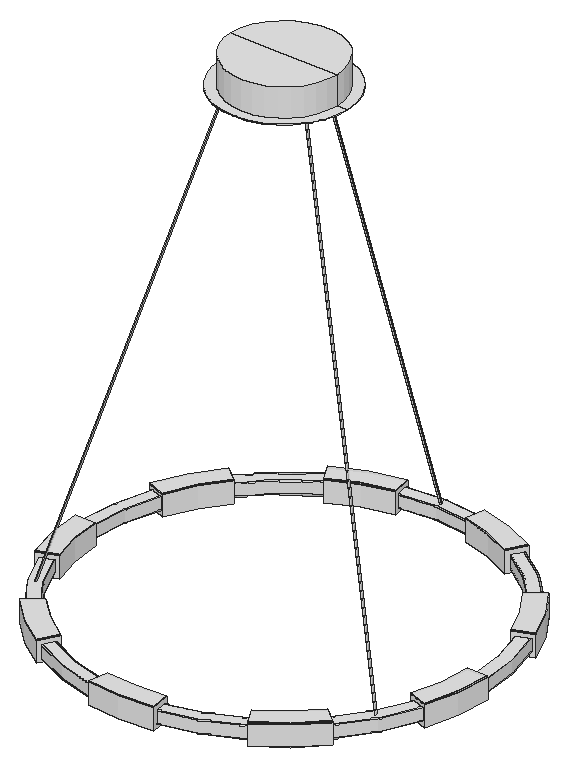
Revit family "3-23-xx Dieter Pendant", category Lighting Fixtures, host Ceiling, Revit 2018
Family settings
  Host = Ceiling
  Round Connector Dimension = Use Diameter
  Part Type = Normal
  OmniClass Number = 23.80.70.11
  OmniClass Title = Luminaries for Internal Lighting
  Always vertical = Yes
  Cut with Voids When Loaded = No
  Light Source = Yes
  Shared = No
  Room Calculation Point = No
Parameters (values of type "3-23-06 / White - Matte White Acrylic")
  Wattage Comments = "9 x 8.5 W at 120 V"  # constant formula
  Wattage = 9.2903 W
  built-in parameter 1150110 = 1 (stored number, unit not read)
  Voltage Input = "120 V or 277 V - 50/60 Hz"  # constant formula
  Voltage = 120 V
  URL = "www.oxygenlighting.com"
  built-in parameter 1114217 = 1 (stored number, unit not read)
  built-in parameter 1150109 = 1 (stored number, unit not read)
  built-in parameter 1150134 = (empty or 0)
  built-in parameter 1150113 = 1 (stored number, unit not read)
  References = "Ref. 3 = 120 V / Ref. 37 = 277 V"  # constant formula
  Pendant height = 39.36581"
  Model = "3-23-xx / Dieter Pendant"  # constant formula
  Metal Finish = 6 - White
  Manufacturer = "Oxygen Lighting and Fans"  # constant formula
  Lumens = 1380 lm
  built-in parameter 1150115 = 1 (stored number, unit not read)
  built-in parameter 1150105 = 109.82 (stored number, unit not read)
  Light Source Symbol Size = 24.00"
  built-in parameter 1150137 = (empty or 0)
  built-in parameter 1150139 = (empty or 0)
  built-in parameter 1150112 = 1 (stored number, unit not read)
  built-in parameter 1150114 = 1 (stored number, unit not read)
  Lamp = "LED Array"  # constant formula
  built-in parameter 1150132 = 2
  built-in parameter 1150102 = (empty or 0)
  built-in parameter 1150138 = (empty or 0)
  built-in parameter 1150107 = 3000 (stored number, unit not read)
  built-in parameter 1150106 = 1.0982 (stored number, unit not read)
  built-in parameter 1150104 = 13.8 (stored number, unit not read)
  Dimming Lamp Color Temperature Shift = <None>
  Diffusers = Matte White Acrylic
  Color Filter = 16777215
  built-in parameter 1114218 = 1 (stored number, unit not read)
  built-in parameter 1150133 = 10 (stored number, unit not read)
Types (2): name | Pendant height | Metal Finish
  3-23-06 / White - Matte White Acrylic | 39.36581" | 6 - White
  3-23-15 / Black - Matte White Acrylic | 39.37008" | 15 - Black
Reference planes (in)
  plane 1 "Light Source Axis (F/B)": y = 0
  plane 2: z = 0
  plane 3 "Light Source Axis (L/R)": x = 0
  plane 4 "Ceiling": z = 157.48031
  plane 5 "Light Source Elevation": z = 118.1145
  plane 6: z = 119.47277
  plane 7: z = 154.92126
Forms (in)
  Blend 1, solid, material "6 - White" <- "Metal Finish"
    base sketch origin (0, 0, 120.73728) x (0.866025, -0.5, 0) y (0.5, 0.866025, 0)
      loop
        circle (-7.62364, 13.20453) r 0.05949
    top sketch origin (0, 0, 120.73728) x (0.866025, -0.5, 0) y (0.5, 0.866025, 0)
      loop
        circle (-1.77165, 3.06859) r 0.05906
    from -1.26451 to 34.18398
  Blend 2, solid, material "6 - White" <- "Metal Finish"
    base sketch origin (0, 0, 120.73728) x (-0.866025, -0.5, 0) y (0.5, -0.866025, 0)
      loop
        circle (-7.62364, 13.20453) r 0.05949
    top sketch origin (0, 0, 120.73728) x (-0.866025, -0.5, 0) y (0.5, -0.866025, 0)
      loop
        circle (-1.77165, 3.06859) r 0.05906
    from -1.26451 to 34.18398
  Blend 3, solid, material "6 - White" <- "Metal Finish"
    base sketch origin (0, 0, 120.73728) x (0, 1, 0) y (-1, 0, 0)
      loop
        circle (-7.62364, 13.20453) r 0.05949
    top sketch origin (0, 0, 120.73728) x (0, 1, 0) y (-1, 0, 0)
      loop
        circle (-1.77165, 3.06859) r 0.05906
    from -1.26451 to 34.18398
Dimensions and locks (in)
  equal spacing: host sketch curve, plane 3 "Light Source Axis (L/R)", host sketch curve
  equal spacing: host sketch curve, plane 1 "Light Source Axis (F/B)", host sketch curve
  host sketch curve to host sketch curve = 157.48031"  (x2)
  plane 4 "Ceiling" to host ceiling = 0.00"
  locked: plane 7 to plane 4 "Ceiling" at 2.55906
  locked: plane 5 "Light Source Elevation" to plane 6 at 1.35827
  "Pendant height": plane 5 "Light Source Elevation" to plane 4 "Ceiling"
  aligned and locked: plane 3 "Light Source Axis (L/R)" to imposter light
  aligned and locked: plane 1 "Light Source Axis (F/B)" to imposter light
  aligned and locked: plane 5 "Light Source Elevation" to imposter light
  aligned and locked: plane 1 "Light Source Axis (F/B)" to nested 2
  aligned and locked: plane 5 "Light Source Elevation" to nested 2
  aligned and locked: plane 3 "Light Source Axis (L/R)" to nested 1
  aligned and locked: plane 1 "Light Source Axis (F/B)" to nested 1
  aligned and locked: nested 1 to plane 4 "Ceiling"
  aligned and locked: plane 7 to Blend 1
  aligned and locked: Blend 1 to plane 6
  aligned and locked: Blend 2 to plane 6
  aligned and locked: plane 7 to Blend 2
  aligned and locked: Blend 3 to plane 6
  aligned and locked: plane 7 to Blend 3
Automatic sketch dimensions
  Blend 1 sketch curve to plane 3 "Light Source Axis (L/R)" = 0.00"  (x2)
  Blend 1 sketch curve to plane 1 "Light Source Axis (F/B)" = 15.24728"
  Blend 1 sketch curve to plane 1 "Light Source Axis (F/B)" = 3.54331"
  plane 1 "Light Source Axis (F/B)" to Blend 2 sketch curve = 7.62364"
  plane 3 "Light Source Axis (L/R)" to Blend 2 sketch curve = 13.20453"
  plane 1 "Light Source Axis (F/B)" to Blend 2 sketch curve = 1.77165"
  plane 3 "Light Source Axis (L/R)" to Blend 2 sketch curve = 3.06859"
  plane 1 "Light Source Axis (F/B)" to Blend 3 sketch curve = 7.62364"
  Blend 3 sketch curve to plane 3 "Light Source Axis (L/R)" = 13.20453"
  plane 1 "Light Source Axis (F/B)" to Blend 3 sketch curve = 1.77165"
  Blend 3 sketch curve to plane 3 "Light Source Axis (L/R)" = 3.06859"
  radius of Blend 1 sketch curve = 0.05949"
  radius of Blend 1 sketch curve = 0.05906"
  radius of Blend 2 sketch curve = 0.05949"
  radius of Blend 2 sketch curve = 0.05906"
  radius of Blend 3 sketch curve = 0.05949"
  radius of Blend 3 sketch curve = 0.05906"
Nested families (in)
  nested 1: "Family5" at (0, 0, 157.48031), type "Family5"
  nested 2: "Family6" at (0, 0, 118.1145), type "Family6"
Connectors (in)
  electrical at (0, 0, 157.48031), driven by "Voltage"
    settings: on nested 1, index 1, voltage 120 V, apparent load 0 VA, apparent load phase1 0 VA, apparent load phase2 0 VA, apparent load phase3 0 VA, power factor 1, load classification "Other", number of poles 1, system type 31, power factor state 1, is connector primary yes, connector utility no, sub classification motor no, connector description ""
Definition of nested family "Family5"
  Parameters (values of type "Family5")
    Metal Finish = none
  Reference planes (in)
    plane 1 "Center (Front/Back)": y = 0
    plane 2: z = 0
    plane 3 "Center (Left/Right)": x = 0
  Forms (in)
    Revolve 1, solid, material <- "Metal Finish"
      sketch origin (0, 0, -157.48031) x (1, 0, 0) y (0, 0, 1)
        loop
          line (0, 157.48031) -> (0, 155.27559) -> (4.92126, 155.27559) -> (4.92126, 155.31496) -> (4.13386, 155.31496) -> (4.13386, 157.48031) -> (0, 157.48031)
        axis (0, 155.27559) -> (0, 157.48031)
      angle from 0 to 360
    Revolve 2, solid, material <- "Metal Finish"
      sketch origin (0, 3.54331, -157.48031) x (1, 0, 0) y (0, 0, 1)
        loop
          line (0, 154.91379) -> (0.0706, 154.91379) -> (0.0706, 155.15001) -> (0.10162, 155.15001)
          arc (0.10162, 155.15001) -> (0.18185, 155.20818) -> (0.27878, 155.22875) r 0.23868
          line (0.27878, 155.22875) -> (0.27878, 155.26812) -> (0.20004, 155.26812) -> (0.15768, 155.27559) -> (0, 155.27559) -> (0, 154.91379)
        axis (0, 155.27559) -> (0, 154.91379)
      angle from 0 to 360
    Revolve 3, solid, material <- "Metal Finish"
      sketch origin (-3.06859, -1.77165, -157.48031) x (-0.5, 0.866025, 0) y (0, 0, 1)
        loop
          line (0, 154.91379) -> (0.0706, 154.91379) -> (0.0706, 155.15001) -> (0.10162, 155.15001)
          arc (0.10162, 155.15001) -> (0.18185, 155.20818) -> (0.27878, 155.22875) r 0.23868
          line (0.27878, 155.22875) -> (0.27878, 155.26812) -> (0.20004, 155.26812) -> (0.15768, 155.27559) -> (0, 155.27559) -> (0, 154.91379)
        axis (0, 155.27559) -> (0, 154.91379)
      angle from 0 to 360
    Revolve 4, solid, material <- "Metal Finish"
      sketch origin (3.06859, -1.77165, -157.48031) x (-0.5, -0.866025, 0) y (0, 0, 1)
        loop
          line (0, 154.91379) -> (0.0706, 154.91379) -> (0.0706, 155.15001) -> (0.10162, 155.15001)
          arc (0.10162, 155.15001) -> (0.18185, 155.20818) -> (0.27878, 155.22875) r 0.23868
          line (0.27878, 155.22875) -> (0.27878, 155.26812) -> (0.20004, 155.26812) -> (0.15768, 155.27559) -> (0, 155.27559) -> (0, 154.91379)
        axis (0, 155.27559) -> (0, 154.91379)
      angle from 0 to 360
  Dimensions and locks (in)
    aligned and locked: level to plane 2
Definition of nested family "Family6"
  Parameters (values of type "Family6")
    Metal Finish = none
    Diffusers = none
  Reference planes (in)
    plane 1 "Center (Front/Back)": y = 0
    plane 2: z = 0
    plane 3 "Center (Left/Right)": x = 0
  Forms (in)
    Revolve 1, solid, material <- "Metal Finish"
      sketch origin (0, 0, -118.1145) x (1, 0, 0) y (0, 0, 1)
        loop
          line (15.72371, 119.47277) -> (14.81804, 119.47277)
          arc (14.81804, 119.47277) -> (14.79148, 119.46177) -> (14.78048, 119.43521) r 0.03756
          line (14.78048, 119.43521) -> (14.78048, 118.52953)
          arc (14.78048, 118.52953) -> (14.79249, 118.50053) -> (14.82149, 118.48852) r 0.04101
          line (14.82149, 118.48852) -> (15.72669, 118.48852)
          arc (15.72669, 118.48852) -> (15.75359, 118.49966) -> (15.76473, 118.52656) r 0.03804
          line (15.76473, 118.52656) -> (15.76473, 119.43176)
          arc (15.76473, 119.43176) -> (15.75272, 119.46076) -> (15.72371, 119.47277) r 0.04102
        axis (0, 118.48852) -> (0, 119.47277)
      angle from 0 to 360
    Extrusion 2, solid, material <- "Diffusers"
      sketch origin (0, 0, 0) x (-1, 0, 0) y (0, -1, 0)
        loop
          line (2.30786, 14.28326) -> (2.55906, 15.8379)
          arc (2.55906, 15.8379) -> (0, 16.04331) -> (-2.55906, 15.8379) r 16.04331
          line (-2.55906, 15.8379) -> (-2.30786, 14.28326)
          arc (-2.30786, 14.28326) -> (0, 14.4685) -> (2.30786, 14.28326) r 14.4685
      from 0 to 0.07874
    Extrusion 3, solid, material <- "Diffusers"
      sketch origin (0, 0, 0) x (-1, 0, 0) y (0, -1, 0)
        loop
          line (2.30786, 14.28326) -> (2.55906, 15.8379)
          arc (2.55906, 15.8379) -> (0, 16.04331) -> (-2.55906, 15.8379) r 16.04331
          line (-2.55906, 15.8379) -> (-2.30786, 14.28326)
          arc (-2.30786, 14.28326) -> (0, 14.4685) -> (2.30786, 14.28326) r 14.4685
      from 1.65354 to 1.73228
    Extrusion 4, solid, material <- "Metal Finish"
      sketch origin (0, 0, 0) x (-1, 0, 0) y (0, -1, 0)
        loop
          line (2.30786, 14.28326) -> (2.55906, 15.8379)
          arc (2.55906, 15.8379) -> (0, 16.04331) -> (-2.55906, 15.8379) r 16.04331
          line (-2.55906, 15.8379) -> (-2.30786, 14.28326)
          arc (-2.30786, 14.28326) -> (0, 14.4685) -> (2.30786, 14.28326) r 14.4685
      from 0.07874 to 1.65354
    Extrusion 5, solid, material <- "Metal Finish"
      sketch origin (0, 0, 0) x (-0.766044, -0.642788, 0) y (0.642788, -0.766044, 0)
        loop
          line (2.30786, 14.28326) -> (2.55906, 15.8379)
          arc (2.55906, 15.8379) -> (0, 16.04331) -> (-2.55906, 15.8379) r 16.04331
          line (-2.55906, 15.8379) -> (-2.30786, 14.28326)
          arc (-2.30786, 14.28326) -> (0, 14.4685) -> (2.30786, 14.28326) r 14.4685
      from 0.07874 to 1.65354
    Extrusion 6, solid, material <- "Metal Finish"
      sketch origin (0, 0, 0) x (-0.173648, -0.984808, 0) y (0.984808, -0.173648, 0)
        loop
          line (2.30786, 14.28326) -> (2.55906, 15.8379)
          arc (2.55906, 15.8379) -> (0, 16.04331) -> (-2.55906, 15.8379) r 16.04331
          line (-2.55906, 15.8379) -> (-2.30786, 14.28326)
          arc (-2.30786, 14.28326) -> (0, 14.4685) -> (2.30786, 14.28326) r 14.4685
      from 0.07874 to 1.65354
    Extrusion 7, solid, material <- "Diffusers"
      sketch origin (0, 0, 0) x (0.5, -0.866025, 0) y (0.866025, 0.5, 0)
        loop
          line (2.30786, 14.28326) -> (2.55906, 15.8379)
          arc (2.55906, 15.8379) -> (0, 16.04331) -> (-2.55906, 15.8379) r 16.04331
          line (-2.55906, 15.8379) -> (-2.30786, 14.28326)
          arc (-2.30786, 14.28326) -> (0, 14.4685) -> (2.30786, 14.28326) r 14.4685
      from 0 to 0.07874
    Extrusion 8, solid, material <- "Diffusers"
      sketch origin (0, 0, 0) x (0.5, -0.866025, 0) y (0.866025, 0.5, 0)
        loop
          line (2.30786, 14.28326) -> (2.55906, 15.8379)
          arc (2.55906, 15.8379) -> (0, 16.04331) -> (-2.55906, 15.8379) r 16.04331
          line (-2.55906, 15.8379) -> (-2.30786, 14.28326)
          arc (-2.30786, 14.28326) -> (0, 14.4685) -> (2.30786, 14.28326) r 14.4685
      from 1.65354 to 1.73228
    Extrusion 9, solid, material <- "Metal Finish"
      sketch origin (0, 0, 0) x (0.5, -0.866025, 0) y (0.866025, 0.5, 0)
        loop
          line (2.30786, 14.28326) -> (2.55906, 15.8379)
          arc (2.55906, 15.8379) -> (0, 16.04331) -> (-2.55906, 15.8379) r 16.04331
          line (-2.55906, 15.8379) -> (-2.30786, 14.28326)
          arc (-2.30786, 14.28326) -> (0, 14.4685) -> (2.30786, 14.28326) r 14.4685
      from 0.07874 to 1.65354
    Extrusion 10, solid, material <- "Metal Finish"
      sketch origin (0, 0, 0) x (0.939693, -0.34202, 0) y (0.34202, 0.939693, 0)
        loop
          line (2.30786, 14.28326) -> (2.55906, 15.8379)
          arc (2.55906, 15.8379) -> (0, 16.04331) -> (-2.55906, 15.8379) r 16.04331
          line (-2.55906, 15.8379) -> (-2.30786, 14.28326)
          arc (-2.30786, 14.28326) -> (0, 14.4685) -> (2.30786, 14.28326) r 14.4685
      from 0.07874 to 1.65354
    Extrusion 11, solid, material <- "Metal Finish"
      sketch origin (0, 0, 0) x (0.939693, 0.34202, 0) y (-0.34202, 0.939693, 0)
        loop
          line (2.30786, 14.28326) -> (2.55906, 15.8379)
          arc (2.55906, 15.8379) -> (0, 16.04331) -> (-2.55906, 15.8379) r 16.04331
          line (-2.55906, 15.8379) -> (-2.30786, 14.28326)
          arc (-2.30786, 14.28326) -> (0, 14.4685) -> (2.30786, 14.28326) r 14.4685
      from 0.07874 to 1.65354
    Extrusion 12, solid, material <- "Metal Finish"
      sketch origin (0, 0, 0) x (0.5, 0.866025, 0) y (-0.866025, 0.5, 0)
        loop
          line (2.30786, 14.28326) -> (2.55906, 15.8379)
          arc (2.55906, 15.8379) -> (0, 16.04331) -> (-2.55906, 15.8379) r 16.04331
          line (-2.55906, 15.8379) -> (-2.30786, 14.28326)
          arc (-2.30786, 14.28326) -> (0, 14.4685) -> (2.30786, 14.28326) r 14.4685
      from 0.07874 to 1.65354
    Extrusion 13, solid, material <- "Metal Finish"
      sketch origin (0, 0, 0) x (-0.173648, 0.984808, 0) y (-0.984808, -0.173648, 0)
        loop
          line (2.30786, 14.28326) -> (2.55906, 15.8379)
          arc (2.55906, 15.8379) -> (0, 16.04331) -> (-2.55906, 15.8379) r 16.04331
          line (-2.55906, 15.8379) -> (-2.30786, 14.28326)
          arc (-2.30786, 14.28326) -> (0, 14.4685) -> (2.30786, 14.28326) r 14.4685
      from 0.07874 to 1.65354
    Extrusion 14, solid, material <- "Metal Finish"
      sketch origin (0, 0, 0) x (-0.766044, 0.642788, 0) y (-0.642788, -0.766044, 0)
        loop
          line (2.30786, 14.28326) -> (2.55906, 15.8379)
          arc (2.55906, 15.8379) -> (0, 16.04331) -> (-2.55906, 15.8379) r 16.04331
          line (-2.55906, 15.8379) -> (-2.30786, 14.28326)
          arc (-2.30786, 14.28326) -> (0, 14.4685) -> (2.30786, 14.28326) r 14.4685
      from 0.07874 to 1.65354
    Extrusion 15, solid, material <- "Diffusers"
      sketch origin (0, 0, 0) x (-0.766044, -0.642788, 0) y (0.642788, -0.766044, 0)
        loop
          line (2.30786, 14.28326) -> (2.55906, 15.8379)
          arc (2.55906, 15.8379) -> (0, 16.04331) -> (-2.55906, 15.8379) r 16.04331
          line (-2.55906, 15.8379) -> (-2.30786, 14.28326)
          arc (-2.30786, 14.28326) -> (0, 14.4685) -> (2.30786, 14.28326) r 14.4685
      from 0 to 0.07874
    Extrusion 16, solid, material <- "Diffusers"
      sketch origin (0, 0, 0) x (-0.766044, -0.642788, 0) y (0.642788, -0.766044, 0)
        loop
          line (2.30786, 14.28326) -> (2.55906, 15.8379)
          arc (2.55906, 15.8379) -> (0, 16.04331) -> (-2.55906, 15.8379) r 16.04331
          line (-2.55906, 15.8379) -> (-2.30786, 14.28326)
          arc (-2.30786, 14.28326) -> (0, 14.4685) -> (2.30786, 14.28326) r 14.4685
      from 1.65354 to 1.73228
    Extrusion 17, solid, material <- "Diffusers"
      sketch origin (0, 0, 0) x (-0.173648, -0.984808, 0) y (0.984808, -0.173648, 0)
        loop
          line (2.30786, 14.28326) -> (2.55906, 15.8379)
          arc (2.55906, 15.8379) -> (0, 16.04331) -> (-2.55906, 15.8379) r 16.04331
          line (-2.55906, 15.8379) -> (-2.30786, 14.28326)
          arc (-2.30786, 14.28326) -> (0, 14.4685) -> (2.30786, 14.28326) r 14.4685
      from 0 to 0.07874
    Extrusion 18, solid, material <- "Diffusers"
      sketch origin (0, 0, 0) x (-0.173648, -0.984808, 0) y (0.984808, -0.173648, 0)
        loop
          line (2.30786, 14.28326) -> (2.55906, 15.8379)
          arc (2.55906, 15.8379) -> (0, 16.04331) -> (-2.55906, 15.8379) r 16.04331
          line (-2.55906, 15.8379) -> (-2.30786, 14.28326)
          arc (-2.30786, 14.28326) -> (0, 14.4685) -> (2.30786, 14.28326) r 14.4685
      from 1.65354 to 1.73228
    Extrusion 19, solid, material <- "Diffusers"
      sketch origin (0, 0, 0) x (0.5, -0.866025, 0) y (0.866025, 0.5, 0)
        loop
          line (2.30786, 14.28326) -> (2.55906, 15.8379)
          arc (2.55906, 15.8379) -> (0, 16.04331) -> (-2.55906, 15.8379) r 16.04331
          line (-2.55906, 15.8379) -> (-2.30786, 14.28326)
          arc (-2.30786, 14.28326) -> (0, 14.4685) -> (2.30786, 14.28326) r 14.4685
      from 0 to 0.07874
    Extrusion 20, solid, material <- "Diffusers"
      sketch origin (0, 0, 0) x (0.5, -0.866025, 0) y (0.866025, 0.5, 0)
        loop
          line (2.30786, 14.28326) -> (2.55906, 15.8379)
          arc (2.55906, 15.8379) -> (0, 16.04331) -> (-2.55906, 15.8379) r 16.04331
          line (-2.55906, 15.8379) -> (-2.30786, 14.28326)
          arc (-2.30786, 14.28326) -> (0, 14.4685) -> (2.30786, 14.28326) r 14.4685
      from 1.65354 to 1.73228
    Extrusion 21, solid, material <- "Diffusers"
      sketch origin (0, 0, 0) x (0.939693, -0.34202, 0) y (0.34202, 0.939693, 0)
        loop
          line (2.30786, 14.28326) -> (2.55906, 15.8379)
          arc (2.55906, 15.8379) -> (0, 16.04331) -> (-2.55906, 15.8379) r 16.04331
          line (-2.55906, 15.8379) -> (-2.30786, 14.28326)
          arc (-2.30786, 14.28326) -> (0, 14.4685) -> (2.30786, 14.28326) r 14.4685
      from 0 to 0.07874
    Extrusion 22, solid, material <- "Diffusers"
      sketch origin (0, 0, 0) x (0.939693, -0.34202, 0) y (0.34202, 0.939693, 0)
        loop
          line (2.30786, 14.28326) -> (2.55906, 15.8379)
          arc (2.55906, 15.8379) -> (0, 16.04331) -> (-2.55906, 15.8379) r 16.04331
          line (-2.55906, 15.8379) -> (-2.30786, 14.28326)
          arc (-2.30786, 14.28326) -> (0, 14.4685) -> (2.30786, 14.28326) r 14.4685
      from 1.65354 to 1.73228
    Extrusion 23, solid, material <- "Diffusers"
      sketch origin (0, 0, 0) x (0.939693, 0.34202, 0) y (-0.34202, 0.939693, 0)
        loop
          line (2.30786, 14.28326) -> (2.55906, 15.8379)
          arc (2.55906, 15.8379) -> (0, 16.04331) -> (-2.55906, 15.8379) r 16.04331
          line (-2.55906, 15.8379) -> (-2.30786, 14.28326)
          arc (-2.30786, 14.28326) -> (0, 14.4685) -> (2.30786, 14.28326) r 14.4685
      from 0 to 0.07874
    Extrusion 24, solid, material <- "Diffusers"
      sketch origin (0, 0, 0) x (0.939693, 0.34202, 0) y (-0.34202, 0.939693, 0)
        loop
          line (2.30786, 14.28326) -> (2.55906, 15.8379)
          arc (2.55906, 15.8379) -> (0, 16.04331) -> (-2.55906, 15.8379) r 16.04331
          line (-2.55906, 15.8379) -> (-2.30786, 14.28326)
          arc (-2.30786, 14.28326) -> (0, 14.4685) -> (2.30786, 14.28326) r 14.4685
      from 1.65354 to 1.73228
    Extrusion 25, solid, material <- "Diffusers"
      sketch origin (0, 0, 0) x (0.5, 0.866025, 0) y (-0.866025, 0.5, 0)
        loop
          line (2.30786, 14.28326) -> (2.55906, 15.8379)
          arc (2.55906, 15.8379) -> (0, 16.04331) -> (-2.55906, 15.8379) r 16.04331
          line (-2.55906, 15.8379) -> (-2.30786, 14.28326)
          arc (-2.30786, 14.28326) -> (0, 14.4685) -> (2.30786, 14.28326) r 14.4685
      from 0 to 0.07874
    Extrusion 26, solid, material <- "Diffusers"
      sketch origin (0, 0, 0) x (0.5, 0.866025, 0) y (-0.866025, 0.5, 0)
        loop
          line (2.30786, 14.28326) -> (2.55906, 15.8379)
          arc (2.55906, 15.8379) -> (0, 16.04331) -> (-2.55906, 15.8379) r 16.04331
          line (-2.55906, 15.8379) -> (-2.30786, 14.28326)
          arc (-2.30786, 14.28326) -> (0, 14.4685) -> (2.30786, 14.28326) r 14.4685
      from 1.65354 to 1.73228
    Extrusion 27, solid, material <- "Diffusers"
      sketch origin (0, 0, 0) x (-0.173648, 0.984808, 0) y (-0.984808, -0.173648, 0)
        loop
          line (2.30786, 14.28326) -> (2.55906, 15.8379)
          arc (2.55906, 15.8379) -> (0, 16.04331) -> (-2.55906, 15.8379) r 16.04331
          line (-2.55906, 15.8379) -> (-2.30786, 14.28326)
          arc (-2.30786, 14.28326) -> (0, 14.4685) -> (2.30786, 14.28326) r 14.4685
      from 0 to 0.07874
    Extrusion 28, solid, material <- "Diffusers"
      sketch origin (0, 0, 0) x (-0.173648, 0.984808, 0) y (-0.984808, -0.173648, 0)
        loop
          line (2.30786, 14.28326) -> (2.55906, 15.8379)
          arc (2.55906, 15.8379) -> (0, 16.04331) -> (-2.55906, 15.8379) r 16.04331
          line (-2.55906, 15.8379) -> (-2.30786, 14.28326)
          arc (-2.30786, 14.28326) -> (0, 14.4685) -> (2.30786, 14.28326) r 14.4685
      from 1.65354 to 1.73228
    Extrusion 29, solid, material <- "Diffusers"
      sketch origin (0, 0, 0) x (-0.766044, 0.642788, 0) y (-0.642788, -0.766044, 0)
        loop
          line (2.30786, 14.28326) -> (2.55906, 15.8379)
          arc (2.55906, 15.8379) -> (0, 16.04331) -> (-2.55906, 15.8379) r 16.04331
          line (-2.55906, 15.8379) -> (-2.30786, 14.28326)
          arc (-2.30786, 14.28326) -> (0, 14.4685) -> (2.30786, 14.28326) r 14.4685
      from 0 to 0.07874
    Extrusion 30, solid, material <- "Diffusers"
      sketch origin (0, 0, 0) x (-0.766044, 0.642788, 0) y (-0.642788, -0.766044, 0)
        loop
          line (2.30786, 14.28326) -> (2.55906, 15.8379)
          arc (2.55906, 15.8379) -> (0, 16.04331) -> (-2.55906, 15.8379) r 16.04331
          line (-2.55906, 15.8379) -> (-2.30786, 14.28326)
          arc (-2.30786, 14.28326) -> (0, 14.4685) -> (2.30786, 14.28326) r 14.4685
      from 1.65354 to 1.73228
  Cuts and joins
    joined: Revolve 1, Extrusion 4, Extrusion 5, Extrusion 6, Extrusion 9, Extrusion 10, Extrusion 11, Extrusion 12, Extrusion 13, Extrusion 14
  Dimensions and locks (in)
    Revolve 1 sketch curve to Revolve 1 sketch curve = 15.76473"
    aligned and locked: level to plane 2
